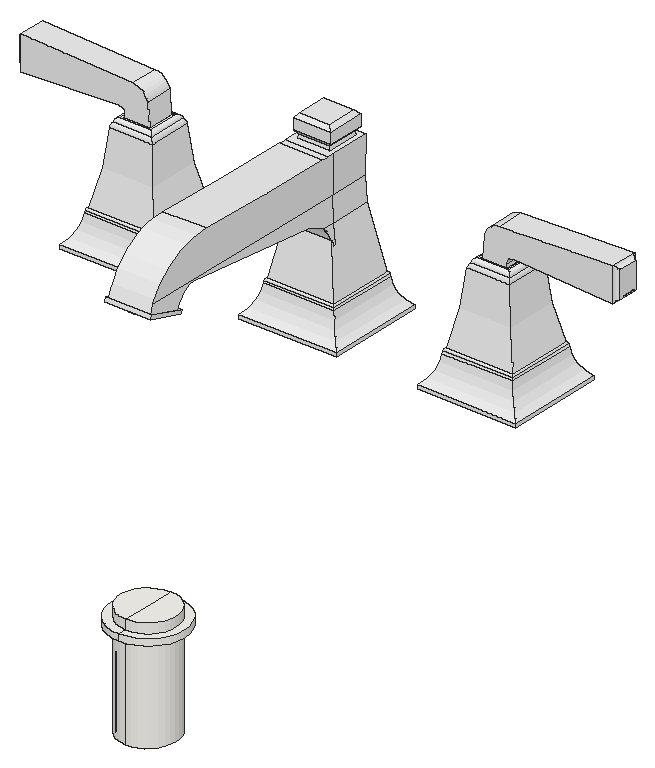
Revit family "Faucet-Two-Handle-American_Standard-Town_Square_S-7455801_Series.rfaxxxx", category Plumbing Fixtures, Revit 2019
Family settings
  Round Connector Dimension = Use Diameter
  Part Type = Normal
  OmniClass Number = 23.45.55.17
  OmniClass Title = Mixing Faucets
  Work Plane-Based = Yes
  Always vertical = No
  Cut with Voids When Loaded = No
  Shared = Yes
  Room Calculation Point = No
Parameters (values of type "7455.801.002")
  Width = 13 7/16"
  Waste Connection = no
  Warranty Information = "Limited Lifetime Function and Finish Warranty"
  WFU = 2
  Vent Connection = no
  URL = "https://www.americanstandard-us.com/"
  Revised Date = "07/25/2022"
  Product Page URL = "https://www.americanstandard-us.com/Widespread-Bathroom-Faucets/Town-Square-S-8-Inch-Widespread-2-Handle-Bathroom-Faucet-12-gpm-45-L-min-With-Lever-Handles/CHROME-7455801002"
  Product Documentation Link = "https://americanstandard.box.com/shared/static/7empnjd5u58uvojlbkksnns87mnb5epj.pdf"
  Price = "Prices may vary. Please consult Manufacturer Representative for most up-to-date price list."  # constant formula
  Pop-up Drain Width from Faucet Centre = 5"
  Pop-up Drain Depth = 4"
  Model = "7455.801.002"
  Material = "Cast Brass-American Standard-002-Polished Chrome"
  Manufacturer = "American Standard"
  Length = 5 3/16"
  Installation Type = "Deck Mounted"
  Hot Water Connection Diameter = 3/8"
  Height = 4 1/16"
  HWFU = 1.5
  HW Connection = yes
  Flow Rate = "1.2 gpm/ 4.5 L/min."
  Finish = Cast Brass-American Standard-002-Polished Chrome
  Description = "Town Square® S 8-Inch Widespread 2-Handle Bathroom Faucet 1.2 gpm/4.5 L/min With Lever Handles"
  Default Elevation = 0"
  Creation Date = "5/29/2018"
  Compliance Certifications = "ANSI A117.1, ASME A112.18.1, CSA B125.1, NSF 61/Section 9, NSF 372, CALGreen, CEC Certified and EPA WaterSense"
  Cold Water Connection Diameter = 3/8"
  CalGreen Compliant = yes
  CWFU = 1.5
  CW Connection = yes
  CEC Compliant = yes
  Assembly Code = "D2020300"
  ADA Compliant = yes
Reference planes (in)
  plane 1 "Center (Front/Back)": y = 0.0000966
  plane 2: z = 0
  plane 3 "Center (Left/Right)": x = 0
  plane 4: y = -5.1874034
  plane 5: z = 4.0625
  plane 6: z = 2.3125
  plane 7: x = -1.09375
  plane 8: y = 1.0938466
  plane 9: y = -1.0936534
  plane 10: y = 0.8125966
  plane 11: y = -0.8124034
  plane 12: x = -3.1875
  plane 13: x = -4.8125
  plane 14: x = 4
  plane 15: y = 0.8125966
  plane 16: y = -0.8124034
  plane 17: x = 4.8125
  plane 18: x = 3.1875
  plane 19: x = 4.1114136
  plane 20: x = -6.711997
  plane 21: x = -4
  plane 22: x = 6.725503
  plane 23: x = 1.09375
  plane 24: z = -4
  plane 25: y = -4.9999034
Forms (in)
  Extrusion 1, void
    sketch origin (-2, 0.25, 0) x (1, 0, 0) y (0, 1, 0)
      loop
        circle (-2, -0.2499034) r 0.1875
      loop
        circle (6, -0.2499034) r 0.1875
    from 0.4643642 to 0
  Extrusion 2, solid, material "Cast Brass-American Standard-002-Polished Chrome" <- "Finish"
    sketch origin (40.7653507, 0.0003181, -4.8055959) x (-1, 0, 0) y (0, 0, -1)
      loop
        line (37.0372671, -7.3613222) -> (36.4934343, -7.3613222) -> (36.4980591, -7.4495691)
        arc (36.4980591, -7.4495691) -> (36.460867, -7.5464577) -> (36.3639784, -7.5836498) r 0.1275786
        line (36.3639784, -7.5836498) -> (34.0397138, -7.462548) -> (34.0397138, -8.2408113) -> (36.6681979, -8.1330657)
        arc (36.6681979, -8.1330657) -> (36.8807494, -8.0487788) -> (36.9944771, -7.8504144) r 0.3464019
        line (36.9944771, -7.8504144) -> (37.0372671, -7.3613222)
    from -0.3027419 to 0.3036207
  Extrusion 3, solid, material "Cast Brass-American Standard-002-Polished Chrome" <- "Finish"
    sketch origin (0, -0.0345709, -0.3922789) x (0, 1, 0) y (0, 0, 1)
      loop
        line (-5.491938, 2.9437005) -> (-4.7617384, 2.7252132)
        arc (-4.7617384, 2.7252132) -> (-4.5805, 2.9918991) -> (-4.2845564, 3.1199072) r 0.5777039
        line (-4.2845564, 3.1199072) -> (-1.0938648, 2.7602094)
        arc (-1.0938648, 2.7602094) -> (-0.6851482, 2.5759577) -> (-0.4609277, 2.1877269) r 0.7307987
        line (-0.4609277, 2.1877269) -> (-0.4609277, 2.1516181) -> (-0.3996167, 2.1516181) -> (-0.3996167, 3.956529) -> (-0.5279284, 3.956529)
        arc (-0.5279284, 3.956529) -> (-0.6016216, 3.9566602) -> (-0.6753138, 3.9570536) r 20.7043916
        arc (-0.6753138, 3.9570536) -> (-2.3089174, 3.9801123) -> (-3.9420384, 4.0260242) r 116.7710458
        arc (-3.9420384, 4.0260242) -> (-4.8977354, 3.7436942) -> (-5.491938, 2.9437005) r 1.572825
    from -0.5454198 to 0.5454198
  Extrusion 4, solid, material "Cast Brass-American Standard-002-Polished Chrome" <- "Finish"
    sketch origin (0, 0.0234375, -0.2109375) x (0, 1, 0) y (0, 0, 1)
      loop
        line (-5.5669444, 2.8027769) -> (-5.592097, 2.7185567) -> (-4.750957, 2.4673483) -> (-4.7258044, 2.5515685) -> (-5.5669444, 2.8027769)
    from -0.5145094 to 0.5216631
  Revolve 5, solid, material "Cast Brass-American Standard-002-Polished Chrome" <- "Finish"
    sketch origin (0, 0.0234375, -0.2109375) x (0, 1, 0) y (0, 0, 1)
      loop
        line (-5.5276072, 2.7463519) -> (-5.5315006, 2.7118213)
        arc (-5.5315006, 2.7118213) -> (-5.5254845, 2.6779513) -> (-5.5019873, 2.6528264) r 0.0605416
        arc (-5.5019873, 2.6528264) -> (-5.354082, 2.5799241) -> (-5.1971605, 2.5292649) r 1.1329
        line (-5.1971605, 2.5292649) -> (-5.1646961, 2.6379677) -> (-5.5276072, 2.7463519)
      axis (-5.1646961, 2.6379677) -> (-5.1971605, 2.5292649)
    angle from 0 to 360
  Sweep 6, solid, material "Cast Brass-American Standard-002-Polished Chrome" <- "Finish"
    path origin (-0.7896856, 0.0003181, 0.5781766) x (1, 0, 0) y (0, 1, 0)
      loop
        line (1.6021856, 0.8122785) -> (-0.0228144, 0.8122785) -> (-0.0228144, -0.8127215) -> (1.6021856, -0.8127215) -> (1.6021856, 0.8122785)
    profile origin (0.8125, 0.0000966, 0.5781766) x (1, 0, 0) y (0, 0, 1)
      loop
        line (-0.5391591, -0.5781766) -> (0.2808658, -0.5781766) -> (0.2808658, -0.4988915)
        arc (0.2808658, -0.4988915) -> (0.0705996, -0.2250381) -> (-0.0222386, 0.1075106) r 0.9080404
        arc (-0.0222386, 0.1075106) -> (-0.0307271, 0.1311506) -> (-0.0334066, 0.1561251) r 0.1058502
        arc (-0.0334066, 0.1561251) -> (-0.0440779, 0.1907) -> (-0.0729142, 0.2125578) r 0.0590462
        arc (-0.0729142, 0.2125578) -> (-0.2308976, 0.9097245) -> (-0.3204089, 1.6189409) r 7.3499504
        arc (-0.3204089, 1.6189409) -> (-0.3365044, 1.8960693) -> (-0.3421235, 2.1736078) r 7.3499504
        arc (-0.3421235, 2.1736078) -> (-0.3398062, 2.5798772) -> (-0.3317511, 2.9860734) r 28.764874
        line (-0.3317511, 2.9860734) -> (-0.4509412, 2.9860734) -> (-0.4635455, 3.0575559) -> (-0.3959604, 3.1409012) -> (-0.3959604, 3.3869581) -> (-0.4749144, 3.4843234) -> (-0.5391591, 3.4843234) -> (-0.5391591, -0.5781766)
  Sweep 7, solid, material "Cast Brass-American Standard-002-Polished Chrome" <- "Finish"
    path origin (-17.0100322, -34.5452132, 0.5781766) x (-1, 0, 0) y (0, -1, 0)
      loop
        line (-13.8225322, -33.7328097) -> (-13.8225322, -35.3578097) -> (-12.1975322, -35.3578097) -> (-12.1975322, -33.7328097) -> (-13.8225322, -33.7328097)
    profile origin (-4, -0.8124034, 0.5781766) x (0, -1, 0) y (0, 0, 1)
      loop
        line (-0.5065348, -0.5781766) -> (0.28125, -0.5781766) -> (0.28125, -0.4988915)
        arc (0.28125, -0.4988915) -> (0.0709839, -0.2250381) -> (-0.0218543, 0.1075106) r 0.9080404
        arc (-0.0218543, 0.1075106) -> (-0.0309614, 0.1318833) -> (-0.0338479, 0.1577413) r 0.1058502
        arc (-0.0338479, 0.1577413) -> (-0.044522, 0.1923202) -> (-0.0733647, 0.2141772) r 0.0590462
        arc (-0.0733647, 0.2141772) -> (-0.2456494, 0.996599) -> (-0.3317511, 1.7931241) r 7.3499504
        arc (-0.3317511, 1.7931241) -> (-0.3462225, 1.851205) -> (-0.3813054, 1.8997023) r 0.1576201
        arc (-0.3813054, 1.8997023) -> (-0.40503, 1.9569785) -> (-0.4623061, 1.980703) r 0.0810007
        line (-0.4623061, 1.980703) -> (-0.5065348, 1.980703) -> (-0.5065348, -0.5781766)
  Sweep 8, solid, material "Cast Brass-American Standard-002-Polished Chrome" <- "Finish"
    path origin (44.9899678, -34.5452132, 0.5781766) x (-1, 0, 0) y (0, -1, 0)
      loop
        line (40.1774678, -33.7328097) -> (40.1774678, -35.3578097) -> (41.8024678, -35.3578097) -> (41.8024678, -33.7328097) -> (40.1774678, -33.7328097)
    profile origin (4, -0.8124034, 0.5781766) x (0, -1, 0) y (0, 0, 1)
      loop
        line (-0.5065348, -0.5781766) -> (0.28125, -0.5781766) -> (0.28125, -0.4988915)
        arc (0.28125, -0.4988915) -> (0.0709839, -0.2250381) -> (-0.0218543, 0.1075106) r 0.9080404
        arc (-0.0218543, 0.1075106) -> (-0.0309614, 0.1318833) -> (-0.0338479, 0.1577413) r 0.1058502
        arc (-0.0338479, 0.1577413) -> (-0.044522, 0.1923202) -> (-0.0733647, 0.2141772) r 0.0590462
        arc (-0.0733647, 0.2141772) -> (-0.2456494, 0.996599) -> (-0.3317511, 1.7931241) r 7.3499504
        arc (-0.3317511, 1.7931241) -> (-0.3462225, 1.851205) -> (-0.3813054, 1.8997023) r 0.1576201
        arc (-0.3813054, 1.8997023) -> (-0.40503, 1.9569785) -> (-0.4623061, 1.980703) r 0.0810007
        line (-0.4623061, 1.980703) -> (-0.5065348, 1.980703) -> (-0.5065348, -0.5781766)
  Extrusion 9, solid, material "Cast Brass-American Standard-002-Polished Chrome" <- "Finish"
    sketch origin (0, 0.0000966, 0) x (1, 0, 0) y (0, 0, 1)
      loop
        line (-3.7279497, 2.5557263) -> (-3.7707397, 3.0448185)
        arc (-3.7707397, 3.0448185) -> (-3.8844674, 3.2431829) -> (-4.0970189, 3.3274697) r 0.3464019
        line (-4.0970189, 3.3274697) -> (-6.711997, 3.4352154) -> (-6.711997, 2.6569521) -> (-4.4012384, 2.7780538)
        arc (-4.4012384, 2.7780538) -> (-4.3043498, 2.7408618) -> (-4.2671577, 2.6439731) r 0.1275786
        line (-4.2671577, 2.6439731) -> (-4.2717825, 2.5557263) -> (-3.7279497, 2.5557263)
    from -0.3059652 to 0.3059652
  Sweep 10, void
    path origin (6.7256369, 0.0003181, 3.4352154) x (0, 0, -1) y (0, 1, 0)
      loop
        line (0, 0.3027419) -> (0, -0.3036207) -> (0.7782633, -0.3036207) -> (0.7782633, 0.3027419) -> (0, 0.3027419)
    profile origin (6.7256369, -0.0001213, 3.4352154) x (0, 0, -1) y (1, 0, 0)
      loop
        line (-0.0156276, 0.0175781) -> (-0.0156276, -0.0927869)
        arc (-0.0156276, -0.0927869) -> (0.0649488, -0.0641347) -> (0.0901779, 0.0175781) r 0.0953855
        line (0.0901779, 0.0175781) -> (-0.0156276, 0.0175781)
  Sweep 11, void
    path origin (-6.711997, 0.0000966, 3.4352154) x (0, 0, -1) y (0, -1, 0)
      loop
        line (0, -0.3029634) -> (0.7782633, -0.3029634) -> (0.7782633, 0.3033992) -> (0, 0.3033992) -> (0, -0.3029634)
    profile origin (-6.711997, -0.0001213, 3.4352154) x (0, 0, 1) y (-1, 0, 0)
      loop
        line (0.0453387, 0.0502496) -> (-0.1187238, 0.0502496) -> (-0.1187238, -0.0072514)
        arc (-0.1187238, -0.0072514) -> (-0.0878777, -0.0817204) -> (-0.0134086, -0.1125665) r 0.1053152
        line (-0.0134086, -0.1125665) -> (0.0453387, -0.1125665) -> (0.0453387, 0.0502496)
  Extrusion 12, void
    sketch origin (0, 0.0000966, 0) x (1, 0, 0) y (0, 0, 1)
      loop
        arc (0.4920911, 2.1971176) -> (0.5816024, 1.4879012) -> (0.7395858, 0.7907345) r 7.3499504
        line (0.7395858, 0.7907345) -> (1.09375, 0.7907345) -> (1.09375, 4.2907345) -> (-1.09375, 4.2907345) -> (-1.09375, 0.7907345) -> (-0.7395858, 0.7907345)
        arc (-0.7395858, 0.7907345) -> (-0.5816024, 1.4879012) -> (-0.4920911, 2.1971176) r 7.3499504
        arc (-0.4920911, 2.1971176) -> (-0.4759956, 2.4742459) -> (-0.4703765, 2.7517844) r 7.3499504
        arc (-0.4703765, 2.7517844) -> (-0.4734199, 3.2110996) -> (-0.4837972, 3.6703077) r 28.764874
        line (-0.4837972, 3.6703077) -> (-0.4837972, 4.1114188) -> (0.4838067, 4.1114188) -> (0.4838067, 3.6706186)
        arc (0.4838067, 3.6706186) -> (0.4734222, 3.2112551) -> (0.4703765, 2.7517844) r 28.764874
        arc (0.4703765, 2.7517844) -> (0.4759956, 2.4742459) -> (0.4920911, 2.1971176) r 7.3499504
    from -1.4747267 to 5.9138421
  Extrusion 13, solid, material "Cast Brass-American Standard-002-Polished Chrome" <- "Finish"
    sketch origin (0, 0, 0) x (1, 0, 0) y (0, 1, 0)
      loop
        line (-0.2733409, 0.2734375) -> (-0.2733409, -0.2732443) -> (0.2733409, -0.2732443) -> (0.2733409, 0.2734375) -> (-0.2733409, 0.2734375)
    from 0.4643642 to 4.0625
  Extrusion 14, solid, material "Cast Brass-American Standard-002-Polished Chrome" <- "Finish"
    sketch origin (-2.90625, -1.0936534, 0) x (0, 1, 0) y (1, 0, 0)
      loop
        line (1.3997152, -1.3997152) -> (1.3997152, -0.7877848) -> (0.7877848, -0.7877848) -> (0.7877848, -1.3997152) -> (1.3997152, -1.3997152)
      loop
        line (1.3670909, 2.6329091) -> (1.3670909, 3.1795909) -> (0.8204091, 3.1795909) -> (0.8204091, 2.6329091) -> (1.3670909, 2.6329091)
      loop
        line (1.3997152, 6.6002848) -> (1.3997152, 7.2122152) -> (0.7877848, 7.2122152) -> (0.7877848, 6.6002848) -> (1.3997152, 6.6002848)
    from 0 to -2.2759282
  Revolve 15, solid, material "Brass-American Standard-Grey"
    sketch origin (0, 0, 0) x (0, 1, 0) y (0, 0, 1)
      loop
        line (-4.9999034, -4) -> (-4.4374034, -4) -> (-4.4374034, -6.1523438) -> (-4.3749034, -6.1523438) -> (-4.3749034, -4) -> (-4.1874034, -4) -> (-4.1874034, -3.8515625) -> (-4.3749034, -3.8515625) -> (-4.3749034, -3.6434957) -> (-4.9999034, -3.6434957) -> (-4.9999034, -4)
      axis (-4.9999034, -3.6434957) -> (-4.9999034, -6.1523438)
    angle from 0 to 360
Cuts and joins
  Sweep 10, Extrusion 12 cuts Extrusion 2
  Extrusion 12 cuts Revolve 5
  joined: Extrusion 2, Extrusion 4, Revolve 5
  Extrusion 1, Extrusion 12 cuts Extrusion 3
  Extrusion 1, Extrusion 12 cuts Sweep 6
  Extrusion 1 cuts Sweep 7
  Extrusion 1, Sweep 11 cuts Extrusion 9
  Extrusion 1 cuts Extrusion 13
  Extrusion 1 cuts Extrusion 14
  joined: Extrusion 3, Sweep 6, Sweep 7, Sweep 8, Extrusion 9, Extrusion 13, Extrusion 14
Lines and regions (in)
  Masking region 1
    outline origin (0, 0.375, 0.8906766) x (-1, 0, 0) y (0, -1, 0)
      loop
        line (5.09375, 1.4686534) -> (2.90625, 1.4686534) -> (2.90625, -0.7188466) -> (5.09375, -0.7188466) -> (5.09375, 0.0689382) -> (6.6007169, 0.0689382)
        arc (6.6007169, 0.0689382) -> (6.627089, 0.1564874) -> (6.711997, 0.1904138) r 0.1053152
        line (6.711997, 0.1904138) -> (6.711997, 0.5598288)
        arc (6.711997, 0.5598288) -> (6.6272382, 0.5935927) -> (6.6006491, 0.6808687) r 0.1053152
        line (6.6006491, 0.6808687) -> (5.09375, 0.6808687) -> (5.09375, 1.4686534)
  Masking region 2
    outline origin (0, 0.375, 0.8906766) x (-1, 0, 0) y (0, -1, 0)
      loop
        line (-2.90625, -0.7188466) -> (-2.90625, 1.4686534) -> (-5.09375, 1.4686534) -> (-5.09375, 0.6783026) -> (-6.6322071, 0.6783026)
        arc (-6.6322071, 0.6783026) -> (-6.6607869, 0.6140468) -> (-6.7256369, 0.5868419) r 0.0953855
        line (-6.7256369, 0.5868419) -> (-6.7256369, 0.1634008)
        arc (-6.7256369, 0.1634008) -> (-6.6607869, 0.1361959) -> (-6.6322071, 0.07194) r 0.0953855
        line (-6.6322071, 0.07194) -> (-5.09375, 0.07194) -> (-5.09375, -0.7188466) -> (-2.90625, -0.7188466)
  Masking region 3
    outline origin (0, 0.375, 0.8906766) x (-1, 0, 0) y (0, -1, 0)
      loop
        circle (0, 5.3749034) r 0.8125
  Masking region 4
    outline origin (0, 0.375, 0.8906766) x (-1, 0, 0) y (0, -1, 0)
      loop
        line (0.4808635, 1.4686534) -> (0.4808635, 5.1008044) -> (0.5145094, 5.1008044) -> (0.5145094, 5.967097) -> (-0.5216631, 5.967097) -> (-0.5216631, 5.1008044) -> (-0.4808635, 5.1008044) -> (-0.4808635, 1.4686534) -> (-1.09375, 1.4686534) -> (-1.09375, -0.7188466) -> (1.09375, -0.7188466) -> (1.09375, 1.4686534) -> (0.4808635, 1.4686534)
  symbolic lines, detail levels medium+fine
    curve 1: line (-0.3375856, -0.337489, 0.8906766) -> (0.3375856, -0.337489, 0.8906766)
    curve 2: line (0.3375856, -0.337489, 0.8906766) -> (0.3375856, 0.3376822, 0.8906766)
    curve 3: line (0.3375856, 0.3376822, 0.8906766) -> (-0.3375856, 0.3376822, 0.8906766)
    curve 4: line (-0.3375856, 0.3376822, 0.8906766) -> (-0.3375856, -0.337489, 0.8906766)
    curve 5: line (-0.8125, 0.8125966, 0.8906766) -> (-0.8125, -0.8124034, 0.8906766)
    curve 6: line (-0.8125, -0.8124034, 0.8906766) -> (-0.4807837, -0.8124034, 0.8906766)
    curve 7: line (0.8125, -0.8124034, 0.8906766) -> (0.8125, 0.8125966, 0.8906766)
    curve 8: line (0.8125, 0.8125966, 0.8906766) -> (-0.8125, 0.8125966, 0.8906766)
    curve 9: spline (-0.4807331, 0.4808454, 0.8906766) -> (-0.4807176, 0.3365826, 0.8906766) -> (-0.4807075, 0.1923193, 0.8906766) -> (-0.4807026, 0.048056, 0.8906766) -> (-0.4807031, -0.0962072, 0.8906766) -> (-0.4807088, -0.2404701, 0.8906766) -> (-0.4807198, -0.3847324, 0.8906766) -> (-0.4807362, -0.528994, 0.8906766) -> (-0.4807578, -0.6732545, 0.8906766) -> (-0.4807847, -0.8175139, 0.8906766) -> (-0.480817, -0.9617718, 0.8906766) -> (-0.4808545, -1.1060281, 0.8906766) -> (-0.4808973, -1.2502825, 0.8906766)
    curve 10: line (0.4807332, 0.4808454, 0.8906766) -> (-0.4807331, 0.4808454, 0.8906766)
    curve 11: line (0.4807837, -0.8124034, 0.8906766) -> (0.8125, -0.8124034, 0.8906766)
    curve 12: spline (0.4808973, -1.2502857, 0.8906766) -> (0.4808545, -1.1060311, 0.8906766) -> (0.4808169, -0.9617745, 0.8906766) -> (0.4807847, -0.8175163, 0.8906766) -> (0.4807578, -0.6732567, 0.8906766) -> (0.4807362, -0.5289959, 0.8906766) -> (0.4807199, -0.384734, 0.8906766) -> (0.4807088, -0.2404714, 0.8906766) -> (0.4807031, -0.0962083, 0.8906766) -> (0.4807027, 0.0480552, 0.8906766) -> (0.4807076, 0.1923188, 0.8906766) -> (0.4807178, 0.3365823, 0.8906766) -> (0.4807332, 0.4808454, 0.8906766)
    curve 13: line (-0.4808635, -4.7258044, 0.8906766) -> (-0.4808635, -5.5669444, 0.8906766)
    curve 14: line (-0.4808635, -5.5669444, 0.8906766) -> (0.4808635, -5.5669444, 0.8906766)
    curve 15: line (0.4808635, -4.7258044, 0.8906766) -> (0.4808635, -5.5669444, 0.8906766)
    curve 16: line (-0.8125, -0.8124034, 0.8906766) -> (-0.5234467, -0.5233501, 0.8906766)
    curve 17: line (-0.8125, 0.8125966, 0.8906766) -> (-0.4790762, 0.4791728, 0.8906766)
    curve 18: line (0.4807332, 0.4808454, 0.8906766) -> (0.8119457, 0.8120579, 0.8906766)
    curve 19: line (0.8125, -0.8124034, 0.8906766) -> (0.5234466, -0.52335, 0.8906766)
    curve 28: spline (-0.4920946, -0.6995508, 0.8906766) -> (-0.4938583, -0.6787335, 0.8906766) -> (-0.495791, -0.6589206, 0.8906766) -> (-0.497889, -0.64015, 0.8906766) -> (-0.5001482, -0.6224577, 0.8906766) -> (-0.5025644, -0.6058778, 0.8906766) -> (-0.5051329, -0.5904419, 0.8906766) -> (-0.5078487, -0.5761797, 0.8906766) -> (-0.5107067, -0.5631186, 0.8906766) -> (-0.5137013, -0.5512836, 0.8906766) -> (-0.5168269, -0.5406974, 0.8906766) -> (-0.5200774, -0.5313802, 0.8906766) -> (-0.5234467, -0.5233501, 0.8906766)
    curve 29: spline (-0.4789313, -1.1365695, 0.8906766) -> (-0.4791584, -1.0956137, 0.8906766) -> (-0.4795524, -1.0550307, 0.8906766) -> (-0.480112, -1.0149618, 0.8906766) -> (-0.4808353, -0.9755467, 0.8906766) -> (-0.4817196, -0.9369228, 0.8906766) -> (-0.482762, -0.8992247, 0.8906766) -> (-0.4839588, -0.8625836, 0.8906766) -> (-0.4853058, -0.8271274, 0.8906766) -> (-0.4867983, -0.7929795, 0.8906766) -> (-0.4884311, -0.760259, 0.8906766) -> (-0.4901986, -0.7290799, 0.8906766) -> (-0.4920946, -0.6995508, 0.8906766)
    curve 30: spline (0.5234466, -0.52335, 0.8906766) -> (0.5199398, -0.5313931, 0.8906766) -> (0.5165762, -0.540723, 0.8906766) -> (0.5133623, -0.5513215, 0.8906766) -> (0.5103042, -0.5631684, 0.8906766) -> (0.5074077, -0.576241, 0.8906766) -> (0.5046786, -0.5905141, 0.8906766) -> (0.5021219, -0.6059604, 0.8906766) -> (0.4997425, -0.6225502, 0.8906766) -> (0.4975452, -0.6402515, 0.8906766) -> (0.495534, -0.6590306, 0.8906766) -> (0.4937129, -0.6788513, 0.8906766) -> (0.4920853, -0.6996755, 0.8906766)
    curve 31: spline (0.4920853, -0.6996755, 0.8906766) -> (0.4899588, -0.7292027, 0.8906766) -> (0.4880017, -0.7603781, 0.8906766) -> (0.4862209, -0.793093, 0.8906766) -> (0.4846226, -0.8272335, 0.8906766) -> (0.4832123, -0.8626807, 0.8906766) -> (0.4819949, -0.8993113, 0.8906766) -> (0.4809748, -0.9369976, 0.8906766) -> (0.4801553, -0.9756084, 0.8906766) -> (0.4795395, -1.0150093, 0.8906766) -> (0.4791294, -1.0550631, 0.8906766) -> (0.4789264, -1.0956303, 0.8906766) -> (0.4789314, -1.1365696, 0.8906766)
    curve 49: line (3.7280836, 0.30306, 0.8906766) -> (5.09375, 0.30306, 0.8906766)
    curve 50: line (5.09375, -0.3033026, 0.8906766) -> (3.7280836, -0.3033026, 0.8906766)
    curve 51: line (3.7280836, -0.3033026, 0.8906766) -> (3.7280836, 0.30306, 0.8906766)
    curve 52: line (-5.09375, 0.3060618, 0.8906766) -> (-3.7279497, 0.3060618, 0.8906766)
    curve 53: line (-3.7279497, -0.3058687, 0.8906766) -> (-5.09375, -0.3058687, 0.8906766)
    curve 54: line (-3.7279497, 0.3060618, 0.8906766) -> (-3.7279497, -0.3058687, 0.8906766)
    curve 55: line (-3.5688054, 0.4312911, 0.8906766) -> (-4.4311946, 0.4312911, 0.8906766)
    curve 56: line (-3.5688054, -0.431098, 0.8906766) -> (-3.5688054, 0.4312911, 0.8906766)
    curve 57: line (-4.4311946, -0.431098, 0.8906766) -> (-3.5688054, -0.431098, 0.8906766)
    curve 58: line (-4.4311946, 0.4312911, 0.8906766) -> (-4.4311946, 0.3060618, 0.8906766)
    curve 59: line (-4.4311946, -0.3058687, 0.8906766) -> (-4.4311946, -0.431098, 0.8906766)
    curve 60: spline (-5.0940726, -1.0939865, 0.8906766) -> (-5.055443, -1.0550446, 0.8906766) -> (-5.0186394, -1.0179827, 0.8906766) -> (-4.9838681, -0.9830086, 0.8906766) -> (-4.9513239, -0.9503183, 0.8906766) -> (-4.9211894, -0.920095, 0.8906766) -> (-4.8936333, -0.8925081, 0.8906766) -> (-4.8688102, -0.8677122, 0.8906766) -> (-4.8468591, -0.8458463, 0.8906766) -> (-4.8279031, -0.8270329, 0.8906766) -> (-4.8120485, -0.8113776, 0.8906766) -> (-4.799384, -0.798968, 0.8906766) -> (-4.7899807, -0.7898737, 0.8906766)
    curve 61: spline (-4.7906457, -0.7905491, 0.8906766) -> (-4.7890727, -0.7889642, 0.8906766) -> (-4.7875999, -0.7874814, 0.8906766) -> (-4.7862305, -0.7861037, 0.8906766) -> (-4.7849675, -0.7848341, 0.8906766) -> (-4.7838134, -0.7836752, 0.8906766) -> (-4.7827707, -0.7826296, 0.8906766) -> (-4.7818417, -0.7816994, 0.8906766) -> (-4.7810284, -0.7808867, 0.8906766) -> (-4.7803324, -0.7801932, 0.8906766) -> (-4.7797553, -0.7796203, 0.8906766) -> (-4.7792982, -0.7791693, 0.8906766) -> (-4.7789622, -0.7788411, 0.8906766)
    curve 62: spline (-4.7789622, -0.7788411, 0.8906766) -> (-4.77804, -0.7778241, 0.8906766) -> (-4.7765909, -0.7762964, 0.8906766) -> (-4.774632, -0.7742758, 0.8906766) -> (-4.7721862, -0.7717861, 0.8906766) -> (-4.7692823, -0.7688566, 0.8906766) -> (-4.7659544, -0.7655216, 0.8906766) -> (-4.7622416, -0.7618204, 0.8906766) -> (-4.7581874, -0.7577963, 0.8906766) -> (-4.7538395, -0.7534967, 0.8906766) -> (-4.7492489, -0.748972, 0.8906766) -> (-4.7444696, -0.7442754, 0.8906766) -> (-4.7395577, -0.739462, 0.8906766)
    curve 63: spline (-4.7395577, -0.739462, 0.8906766) -> (-4.7053559, -0.7051947, 0.8906766) -> (-4.6733974, -0.6731825, 0.8906766) -> (-4.6437022, -0.6434454, 0.8906766) -> (-4.6162888, -0.6160021, 0.8906766) -> (-4.5911745, -0.5908697, 0.8906766) -> (-4.5683749, -0.568064, 0.8906766) -> (-4.5479043, -0.5475992, 0.8906766) -> (-4.5297755, -0.5294881, 0.8906766) -> (-4.5139999, -0.5137421, 0.8906766) -> (-4.5005873, -0.500371, 0.8906766) -> (-4.4895462, -0.4893832, 0.8906766) -> (-4.4808834, -0.4807855, 0.8906766)
    curve 64: spline (-3.2100298, -0.7898842, 0.8906766) -> (-3.2009355, -0.7992875, 0.8906766) -> (-3.1885258, -0.8119519, 0.8906766) -> (-3.1728705, -0.8278066, 0.8906766) -> (-3.1540572, -0.8467626, 0.8906766) -> (-3.1321913, -0.8687136, 0.8906766) -> (-3.1073954, -0.8935368, 0.8906766) -> (-3.0798085, -0.9210928, 0.8906766) -> (-3.0495851, -0.9512274, 0.8906766) -> (-3.0168948, -0.9837715, 0.8906766) -> (-2.9819207, -1.0185428, 0.8906766) -> (-2.9448588, -1.0553464, 0.8906766) -> (-2.9059169, -1.093976, 0.8906766)
    curve 65: spline (-3.5196702, -0.4795853, 0.8906766) -> (-3.5278291, -0.471627, 0.8906766) -> (-3.5305317, -0.469099, 0.8906766) -> (-3.527774, -0.4720048, 0.8906766) -> (-3.5195601, -0.4803403, 0.8906766) -> (-3.5059016, -0.4940936, 0.8906766) -> (-3.4868179, -0.5132452, 0.8906766) -> (-3.4623361, -0.5377678, 0.8906766) -> (-3.4324912, -0.5676265, 0.8906766) -> (-3.3973255, -0.602779, 0.8906766) -> (-3.3568891, -0.6431751, 0.8906766) -> (-3.3112394, -0.6887574, 0.8906766) -> (-3.2604415, -0.7394611, 0.8906766)
    curve 66: spline (-3.5676154, -0.4323074, 0.8906766) -> (-3.5591626, -0.4409032, 0.8906766) -> (-3.551315, -0.4488586, 0.8906766) -> (-3.544152, -0.456093, 0.8906766) -> (-3.5377461, -0.4625331, 0.8906766) -> (-3.5321624, -0.4681138, 0.8906766) -> (-3.5274572, -0.4727784, 0.8906766) -> (-3.5236783, -0.4764798, 0.8906766) -> (-3.5208639, -0.4791804, 0.8906766) -> (-3.5190426, -0.4808528, 0.8906766) -> (-3.5182328, -0.4814803, 0.8906766) -> (-3.5184427, -0.4810563, 0.8906766) -> (-3.5196702, -0.4795853, 0.8906766)
    curve 67: spline (-4.4808834, -0.4807855, 0.8906766) -> (-4.4796919, -0.4794813, 0.8906766) -> (-4.4779267, -0.4776227, 0.8906766) -> (-4.4755978, -0.4752201, 0.8906766) -> (-4.4727182, -0.4722872, 0.8906766) -> (-4.4693041, -0.4688405, 0.8906766) -> (-4.4653748, -0.4648992, 0.8906766) -> (-4.4609524, -0.4604857, 0.8906766) -> (-4.4560618, -0.4556247, 0.8906766) -> (-4.4507305, -0.4503436, 0.8906766) -> (-4.4449885, -0.4446722, 0.8906766) -> (-4.4388682, -0.4386423, 0.8906766) -> (-4.432404, -0.432288, 0.8906766)
    curve 68: spline (-3.2100193, 0.7900668, 0.8906766) -> (-3.200616, 0.7991611, 0.8906766) -> (-3.1879515, 0.8115707, 0.8906766) -> (-3.1720969, 0.8272261, 0.8906766) -> (-3.1531409, 0.8460394, 0.8906766) -> (-3.1311898, 0.8679053, 0.8906766) -> (-3.1063667, 0.8927012, 0.8906766) -> (-3.0788106, 0.9202881, 0.8906766) -> (-3.0486761, 0.9505114, 0.8906766) -> (-3.0161319, 0.9832018, 0.8906766) -> (-2.9813606, 1.0181759, 0.8906766) -> (-2.944557, 1.0552377, 0.8906766) -> (-2.9059274, 1.0941796, 0.8906766)
    curve 69: spline (-3.2604423, 0.7396552, 0.8906766) -> (-3.2552544, 0.7447394, 0.8906766) -> (-3.2502182, 0.7496897, 0.8906766) -> (-3.2453999, 0.7544411, 0.8906766) -> (-3.2408625, 0.7589312, 0.8906766) -> (-3.2366656, 0.7631012, 0.8906766) -> (-3.2328644, 0.7668964, 0.8906766) -> (-3.2295085, 0.770267, 0.8906766) -> (-3.2266421, 0.7731688, 0.8906766) -> (-3.2243027, 0.7755637, 0.8906766) -> (-3.222521, 0.7774204, 0.8906766) -> (-3.2213204, 0.7787144, 0.8906766) -> (-3.2207166, 0.7794289, 0.8906766)
    curve 70: spline (-3.2207166, 0.7794289, 0.8906766) -> (-3.2211587, 0.7789624, 0.8906766) -> (-3.2213423, 0.7787578, 0.8906766) -> (-3.2212666, 0.7788161, 0.8906766) -> (-3.220932, 0.7791371, 0.8906766) -> (-3.22034, 0.7797192, 0.8906766) -> (-3.2194932, 0.7805599, 0.8906766) -> (-3.2183955, 0.7816553, 0.8906766) -> (-3.2170518, 0.7830006, 0.8906766) -> (-3.2154682, 0.7845896, 0.8906766) -> (-3.2136518, 0.7864152, 0.8906766) -> (-3.2116108, 0.7884692, 0.8906766) -> (-3.2093543, 0.7907422, 0.8906766)
    curve 71: spline (-3.5203182, 0.4804263, 0.8906766) -> (-3.5282764, 0.4722674, 0.8906766) -> (-3.5308044, 0.4695649, 0.8906766) -> (-3.5278986, 0.4723225, 0.8906766) -> (-3.5195631, 0.4805365, 0.8906766) -> (-3.5058098, 0.494195, 0.8906766) -> (-3.4866582, 0.5132787, 0.8906766) -> (-3.4621356, 0.5377605, 0.8906766) -> (-3.4322769, 0.5676054, 0.8906766) -> (-3.3971244, 0.6027711, 0.8906766) -> (-3.3567283, 0.6432076, 0.8906766) -> (-3.311146, 0.6888572, 0.8906766) -> (-3.2604423, 0.7396552, 0.8906766)
    curve 72: spline (-3.567596, 0.4324811, 0.8906766) -> (-3.5590002, 0.4409339, 0.8906766) -> (-3.5510448, 0.4487816, 0.8906766) -> (-3.5438104, 0.4559446, 0.8906766) -> (-3.5373703, 0.4623504, 0.8906766) -> (-3.5317896, 0.4679342, 0.8906766) -> (-3.527125, 0.4726394, 0.8906766) -> (-3.5234237, 0.4764183, 0.8906766) -> (-3.5207231, 0.4792326, 0.8906766) -> (-3.5190506, 0.4810539, 0.8906766) -> (-3.5184231, 0.4818637, 0.8906766) -> (-3.5188471, 0.4816538, 0.8906766) -> (-3.5203182, 0.4804263, 0.8906766)
    curve 73: spline (-4.7899705, 0.7900773, 0.8906766) -> (-4.7990648, 0.7994806, 0.8906766) -> (-4.8114744, 0.8121451, 0.8906766) -> (-4.8271298, 0.8279997, 0.8906766) -> (-4.8459431, 0.8469557, 0.8906766) -> (-4.867809, 0.8689068, 0.8906766) -> (-4.8926049, 0.8937299, 0.8906766) -> (-4.9201918, 0.921286, 0.8906766) -> (-4.9504151, 0.9514205, 0.8906766) -> (-4.9831055, 0.9839646, 0.8906766) -> (-5.0180796, 1.0187359, 0.8906766) -> (-5.0551414, 1.0555395, 0.8906766) -> (-5.0940833, 1.0941692, 0.8906766)
    curve 74: spline (-4.4803221, 0.4797715, 0.8906766) -> (-4.4721632, 0.4718133, 0.8906766) -> (-4.4694607, 0.4692854, 0.8906766) -> (-4.4722184, 0.4721912, 0.8906766) -> (-4.4804325, 0.4805268, 0.8906766) -> (-4.4940911, 0.4942802, 0.8906766) -> (-4.5131749, 0.5134319, 0.8906766) -> (-4.5376568, 0.5379546, 0.8906766) -> (-4.5675019, 0.5678135, 0.8906766) -> (-4.6026677, 0.602966, 0.8906766) -> (-4.6431043, 0.6433623, 0.8906766) -> (-4.6887541, 0.6889448, 0.8906766) -> (-4.7395523, 0.7396487, 0.8906766)
    curve 75: spline (-4.7395523, 0.7396487, 0.8906766) -> (-4.7446371, 0.7448372, 0.8906766) -> (-4.749588, 0.7498739, 0.8906766) -> (-4.75434, 0.7546929, 0.8906766) -> (-4.7588308, 0.7592309, 0.8906766) -> (-4.7630014, 0.7634283, 0.8906766) -> (-4.7667972, 0.7672302, 0.8906766) -> (-4.7701684, 0.7705865, 0.8906766) -> (-4.7730706, 0.7734534, 0.8906766) -> (-4.775466, 0.7757931, 0.8906766) -> (-4.777323, 0.777575, 0.8906766) -> (-4.7786172, 0.7787757, 0.8906766) -> (-4.7793318, 0.7793795, 0.8906766)
    curve 76: spline (-4.7793318, 0.7793795, 0.8906766) -> (-4.7788653, 0.7789375, 0.8906766) -> (-4.7786608, 0.7787539, 0.8906766) -> (-4.7787191, 0.7788296, 0.8906766) -> (-4.7790401, 0.7791642, 0.8906766) -> (-4.7796223, 0.7797563, 0.8906766) -> (-4.780463, 0.7806031, 0.8906766) -> (-4.7815585, 0.7817008, 0.8906766) -> (-4.7829038, 0.7830446, 0.8906766) -> (-4.7844928, 0.7846282, 0.8906766) -> (-4.7863185, 0.7864447, 0.8906766) -> (-4.7883725, 0.7884858, 0.8906766) -> (-4.7906457, 0.7907422, 0.8906766)
    curve 77: spline (-4.4323423, 0.4324623, 0.8906766) -> (-4.4407995, 0.4410625, 0.8906766) -> (-4.4486515, 0.4490222, 0.8906766) -> (-4.4558188, 0.4562607, 0.8906766) -> (-4.4622287, 0.4627047, 0.8906766) -> (-4.4678163, 0.4682889, 0.8906766) -> (-4.4725248, 0.4729567, 0.8906766) -> (-4.4763067, 0.4766607, 0.8906766) -> (-4.4791236, 0.4793635, 0.8906766) -> (-4.4809469, 0.4810376, 0.8906766) -> (-4.4817582, 0.4816662, 0.8906766) -> (-4.4815492, 0.4812427, 0.8906766) -> (-4.4803221, 0.4797715, 0.8906766)
    curve 78: spline (3.2100298, 0.7900773, 0.8906766) -> (3.2009355, 0.7994806, 0.8906766) -> (3.1885258, 0.8121451, 0.8906766) -> (3.1728705, 0.8279997, 0.8906766) -> (3.1540572, 0.8469557, 0.8906766) -> (3.1321913, 0.8689068, 0.8906766) -> (3.1073954, 0.8937299, 0.8906766) -> (3.0798085, 0.921286, 0.8906766) -> (3.0495851, 0.9514205, 0.8906766) -> (3.0168948, 0.9839646, 0.8906766) -> (2.9819207, 1.0187359, 0.8906766) -> (2.9448589, 1.0555395, 0.8906766) -> (2.9059169, 1.0941692, 0.8906766)
    curve 79: spline (3.5196702, 0.4797784, 0.8906766) -> (3.5278291, 0.4718202, 0.8906766) -> (3.5305317, 0.4692922, 0.8906766) -> (3.527774, 0.472198, 0.8906766) -> (3.5195601, 0.4805335, 0.8906766) -> (3.5059016, 0.4942868, 0.8906766) -> (3.4868179, 0.5134383, 0.8906766) -> (3.4623361, 0.5379609, 0.8906766) -> (3.4324912, 0.5678197, 0.8906766) -> (3.3973255, 0.6029721, 0.8906766) -> (3.3568891, 0.6433682, 0.8906766) -> (3.3112394, 0.6889506, 0.8906766) -> (3.2604415, 0.7396543, 0.8906766)
    curve 80: spline (3.2604415, 0.7396543, 0.8906766) -> (3.2553572, 0.7448422, 0.8906766) -> (3.2504069, 0.7498783, 0.8906766) -> (3.2456556, 0.7546967, 0.8906766) -> (3.2411654, 0.7592341, 0.8906766) -> (3.2369954, 0.7634309, 0.8906766) -> (3.2332002, 0.7672322, 0.8906766) -> (3.2298296, 0.7705881, 0.8906766) -> (3.2269278, 0.7734545, 0.8906766) -> (3.2245329, 0.7757939, 0.8906766) -> (3.2226762, 0.7775756, 0.8906766) -> (3.2213822, 0.7787762, 0.8906766) -> (3.2206678, 0.7793799, 0.8906766)
    curve 81: spline (3.2206678, 0.7793799, 0.8906766) -> (3.2211343, 0.7789379, 0.8906766) -> (3.2213388, 0.7787543, 0.8906766) -> (3.2212805, 0.7788299, 0.8906766) -> (3.2209595, 0.7791645, 0.8906766) -> (3.2203774, 0.7797566, 0.8906766) -> (3.2195367, 0.7806033, 0.8906766) -> (3.2184413, 0.7817011, 0.8906766) -> (3.217096, 0.7830447, 0.8906766) -> (3.215507, 0.7846284, 0.8906766) -> (3.2136814, 0.7864448, 0.8906766) -> (3.2116274, 0.7884858, 0.8906766) -> (3.2093543, 0.7907422, 0.8906766)
    curve 82: spline (4.7895572, 0.7896619, 0.8906766) -> (4.7988286, 0.7986201, 0.8906766) -> (4.8113944, 0.8109272, 0.8906766) -> (4.8271836, 0.8265137, 0.8906766) -> (4.8461068, 0.8452913, 0.8906766) -> (4.8680569, 0.8671539, 0.8906766) -> (4.8929099, 0.8919777, 0.8906766) -> (4.9205251, 0.9196225, 0.8906766) -> (4.9507464, 0.9499317, 0.8906766) -> (4.9834027, 0.982734, 0.8906766) -> (5.0183095, 1.0178438, 0.8906766) -> (5.0552691, 1.0550625, 0.8906766) -> (5.0940726, 1.0941796, 0.8906766)
    curve 83: spline (3.5688054, 0.4312885, 0.8906766) -> (3.5601837, 0.4400594, 0.8906766) -> (3.5521702, 0.4481861, 0.8906766) -> (3.5448481, 0.4555844, 0.8906766) -> (3.5382932, 0.4621777, 0.8906766) -> (3.5325734, 0.4678975, 0.8906766) -> (3.5277479, 0.4726848, 0.8906766) -> (3.5238667, 0.4764899, 0.8906766) -> (3.5209701, 0.4792733, 0.8906766) -> (3.519088, 0.4810063, 0.8906766) -> (3.5182399, 0.4816709, 0.8906766) -> (3.5184347, 0.4812602, 0.8906766) -> (3.5196702, 0.4797784, 0.8906766)
    curve 84: spline (2.9059274, -1.0939865, 0.8906766) -> (2.944557, -1.0550446, 0.8906766) -> (2.9813606, -1.0179827, 0.8906766) -> (3.0161319, -0.9830086, 0.8906766) -> (3.0486761, -0.9503183, 0.8906766) -> (3.0788106, -0.920095, 0.8906766) -> (3.1063667, -0.8925081, 0.8906766) -> (3.1311898, -0.8677122, 0.8906766) -> (3.1531409, -0.8458463, 0.8906766) -> (3.1720969, -0.8270329, 0.8906766) -> (3.1879515, -0.8113776, 0.8906766) -> (3.200616, -0.798968, 0.8906766) -> (3.2100193, -0.7898737, 0.8906766)
    curve 85: spline (3.2093543, -0.7905491, 0.8906766) -> (3.2109273, -0.7889642, 0.8906766) -> (3.2124001, -0.7874814, 0.8906766) -> (3.2137695, -0.7861037, 0.8906766) -> (3.2150325, -0.7848341, 0.8906766) -> (3.2161866, -0.7836752, 0.8906766) -> (3.2172293, -0.7826296, 0.8906766) -> (3.2181583, -0.7816994, 0.8906766) -> (3.2189716, -0.7808867, 0.8906766) -> (3.2196676, -0.7801932, 0.8906766) -> (3.2202447, -0.7796203, 0.8906766) -> (3.2207018, -0.7791693, 0.8906766) -> (3.2210378, -0.7788411, 0.8906766)
    curve 86: spline (3.2210378, -0.7788411, 0.8906766) -> (3.22196, -0.7778241, 0.8906766) -> (3.2234091, -0.7762964, 0.8906766) -> (3.225368, -0.7742758, 0.8906766) -> (3.2278138, -0.7717861, 0.8906766) -> (3.2307177, -0.7688566, 0.8906766) -> (3.2340456, -0.7655216, 0.8906766) -> (3.2377584, -0.7618204, 0.8906766) -> (3.2418126, -0.7577963, 0.8906766) -> (3.2461605, -0.7534967, 0.8906766) -> (3.2507511, -0.748972, 0.8906766) -> (3.2555304, -0.7442754, 0.8906766) -> (3.2604423, -0.7394619, 0.8906766)
    curve 87: spline (3.2604423, -0.7394619, 0.8906766) -> (3.2946441, -0.7051947, 0.8906766) -> (3.3266026, -0.6731825, 0.8906766) -> (3.3562978, -0.6434454, 0.8906766) -> (3.3837112, -0.6160021, 0.8906766) -> (3.4088255, -0.5908697, 0.8906766) -> (3.4316251, -0.568064, 0.8906766) -> (3.4520957, -0.5475992, 0.8906766) -> (3.4702245, -0.5294881, 0.8906766) -> (3.4860001, -0.5137421, 0.8906766) -> (3.4994127, -0.500371, 0.8906766) -> (3.5104538, -0.4893832, 0.8906766) -> (3.5191166, -0.4807855, 0.8906766)
    curve 88: spline (3.5191166, -0.4807855, 0.8906766) -> (3.5203306, -0.4794572, 0.8906766) -> (3.5221356, -0.4775578, 0.8906766) -> (3.5245213, -0.4750982, 0.8906766) -> (3.5274737, -0.4720928, 0.8906766) -> (3.5309758, -0.4685589, 0.8906766) -> (3.5350072, -0.4645171, 0.8906766) -> (3.5395445, -0.4599909, 0.8906766) -> (3.5445615, -0.4550064, 0.8906766) -> (3.550029, -0.4495926, 0.8906766) -> (3.5559152, -0.4437808, 0.8906766) -> (3.5621862, -0.4376049, 0.8906766) -> (3.5688054, -0.4311006, 0.8906766)
    curve 89: spline (4.4311946, -0.4310953, 0.8906766) -> (4.4398163, -0.4398663, 0.8906766) -> (4.4478298, -0.447993, 0.8906766) -> (4.4551519, -0.4553913, 0.8906766) -> (4.4617068, -0.4619845, 0.8906766) -> (4.4674266, -0.4677044, 0.8906766) -> (4.4722521, -0.4724916, 0.8906766) -> (4.4761333, -0.4762967, 0.8906766) -> (4.4790299, -0.4790801, 0.8906766) -> (4.480912, -0.4808131, 0.8906766) -> (4.4817601, -0.4814777, 0.8906766) -> (4.4815653, -0.481067, 0.8906766) -> (4.4803298, -0.4795853, 0.8906766)
    curve 90: spline (4.4803298, -0.4795853, 0.8906766) -> (4.472171, -0.4716271, 0.8906766) -> (4.4694683, -0.469099, 0.8906766) -> (4.4722257, -0.4720045, 0.8906766) -> (4.4804392, -0.4803396, 0.8906766) -> (4.4940971, -0.4940923, 0.8906766) -> (4.5131801, -0.5132432, 0.8906766) -> (4.5376612, -0.5377652, 0.8906766) -> (4.5675057, -0.5676235, 0.8906766) -> (4.6026712, -0.6027757, 0.8906766) -> (4.643108, -0.6431722, 0.8906766) -> (4.6887587, -0.6887555, 0.8906766) -> (4.7395585, -0.7394612, 0.8906766)
    curve 91: spline (4.7395585, -0.7394612, 0.8906766) -> (4.7446428, -0.7446491, 0.8906766) -> (4.749593, -0.7496853, 0.8906766) -> (4.7543444, -0.7545036, 0.8906766) -> (4.7588345, -0.759041, 0.8906766) -> (4.7630046, -0.7632379, 0.8906766) -> (4.7667998, -0.7670391, 0.8906766) -> (4.7701704, -0.770395, 0.8906766) -> (4.7730722, -0.7732614, 0.8906766) -> (4.7754671, -0.7756008, 0.8906766) -> (4.7773238, -0.7773825, 0.8906766) -> (4.7786178, -0.7785831, 0.8906766) -> (4.7793322, -0.7791869, 0.8906766)
    curve 92: spline (4.7793322, -0.7791869, 0.8906766) -> (4.7788657, -0.7787448, 0.8906766) -> (4.7786612, -0.7785612, 0.8906766) -> (4.7787195, -0.7786369, 0.8906766) -> (4.7790405, -0.7789714, 0.8906766) -> (4.7796226, -0.7795635, 0.8906766) -> (4.7804633, -0.7804102, 0.8906766) -> (4.7815587, -0.7815079, 0.8906766) -> (4.782904, -0.7828516, 0.8906766) -> (4.784493, -0.7844352, 0.8906766) -> (4.7863186, -0.7862517, 0.8906766) -> (4.7883726, -0.7882927, 0.8906766) -> (4.7906457, -0.7905491, 0.8906766)
    curve 93: spline (4.7899702, -0.7898842, 0.8906766) -> (4.7990645, -0.7992875, 0.8906766) -> (4.8114742, -0.811952, 0.8906766) -> (4.8271295, -0.8278066, 0.8906766) -> (4.8459428, -0.8467626, 0.8906766) -> (4.8678087, -0.8687137, 0.8906766) -> (4.8926046, -0.8935368, 0.8906766) -> (4.9201915, -0.9210928, 0.8906766) -> (4.9504149, -0.9512274, 0.8906766) -> (4.9831052, -0.9837715, 0.8906766) -> (5.0180793, -1.0185428, 0.8906766) -> (5.0551411, -1.0553464, 0.8906766) -> (5.0940831, -1.093976, 0.8906766)
    curve 94: line (3.5688054, 0.4312885, 0.8906766) -> (3.5688054, -0.4311006, 0.8906766)
    curve 95: line (4.4311946, 0.4312911, 0.8906766) -> (3.5688054, 0.4312911, 0.8906766)
    curve 96: line (4.4311946, -0.4310953, 0.8906766) -> (4.4311946, -0.3033026, 0.8906766)
    curve 97: line (3.5688054, -0.431098, 0.8906766) -> (4.4311946, -0.431098, 0.8906766)
    curve 98: line (4.4311946, 0.30306, 0.8906766) -> (4.4311946, 0.4312911, 0.8906766)
    curve 99: spline (-3.2604415, -0.7394611, 0.8906766) -> (-3.2553572, -0.744649, 0.8906766) -> (-3.2504069, -0.7496852, 0.8906766) -> (-3.2456556, -0.7545036, 0.8906766) -> (-3.2411654, -0.7590409, 0.8906766) -> (-3.2369954, -0.7632378, 0.8906766) -> (-3.2332002, -0.767039, 0.8906766) -> (-3.2298296, -0.7703949, 0.8906766) -> (-3.2269278, -0.7732613, 0.8906766) -> (-3.2245329, -0.7756007, 0.8906766) -> (-3.2226762, -0.7773824, 0.8906766) -> (-3.2213822, -0.778583, 0.8906766) -> (-3.2206678, -0.7791868, 0.8906766)
    curve 100: spline (-3.2206678, -0.7791868, 0.8906766) -> (-3.2211343, -0.7787447, 0.8906766) -> (-3.2213388, -0.7785611, 0.8906766) -> (-3.2212805, -0.7786368, 0.8906766) -> (-3.2209595, -0.7789714, 0.8906766) -> (-3.2203774, -0.7795634, 0.8906766) -> (-3.2195367, -0.7804102, 0.8906766) -> (-3.2184413, -0.7815079, 0.8906766) -> (-3.217096, -0.7828516, 0.8906766) -> (-3.215507, -0.7844352, 0.8906766) -> (-3.2136814, -0.7862516, 0.8906766) -> (-3.2116274, -0.7882927, 0.8906766) -> (-3.2093543, -0.7905491, 0.8906766)
    curve 101: spline (4.4803222, 0.4797715, 0.8906766) -> (4.4721633, 0.4718133, 0.8906766) -> (4.4694608, 0.4692854, 0.8906766) -> (4.4722186, 0.4721912, 0.8906766) -> (4.4804326, 0.4805268, 0.8906766) -> (4.4940912, 0.4942802, 0.8906766) -> (4.513175, 0.5134319, 0.8906766) -> (4.5376569, 0.5379546, 0.8906766) -> (4.567502, 0.5678135, 0.8906766) -> (4.6026678, 0.602966, 0.8906766) -> (4.6431044, 0.6433623, 0.8906766) -> (4.6887543, 0.6889448, 0.8906766) -> (4.7395524, 0.7396487, 0.8906766)
    curve 102: spline (4.7395524, 0.7396487, 0.8906766) -> (4.7446372, 0.7448372, 0.8906766) -> (4.7495881, 0.7498739, 0.8906766) -> (4.7543401, 0.7546929, 0.8906766) -> (4.7588309, 0.7592309, 0.8906766) -> (4.7630015, 0.7634283, 0.8906766) -> (4.7667973, 0.7672302, 0.8906766) -> (4.7701685, 0.7705865, 0.8906766) -> (4.7730708, 0.7734534, 0.8906766) -> (4.7754661, 0.7757931, 0.8906766) -> (4.7773231, 0.777575, 0.8906766) -> (4.7786173, 0.7787757, 0.8906766) -> (4.7793319, 0.7793795, 0.8906766)
    curve 103: spline (4.7793319, 0.7793795, 0.8906766) -> (4.7788787, 0.7789499, 0.8906766) -> (4.7786674, 0.7787589, 0.8906766) -> (4.7786989, 0.7788074, 0.8906766) -> (4.778973, 0.7790951, 0.8906766) -> (4.7794887, 0.779621, 0.8906766) -> (4.7802438, 0.7803827, 0.8906766) -> (4.7812351, 0.7813771, 0.8906766) -> (4.7824585, 0.7826, 0.8906766) -> (4.7839089, 0.7840465, 0.8906766) -> (4.7855803, 0.7857104, 0.8906766) -> (4.7874657, 0.7875848, 0.8906766) -> (4.7895572, 0.7896619, 0.8906766)
    curve 104: spline (4.4323424, 0.4324623, 0.8906766) -> (4.4407996, 0.4410625, 0.8906766) -> (4.4486516, 0.4490222, 0.8906766) -> (4.4558189, 0.4562607, 0.8906766) -> (4.4622288, 0.4627047, 0.8906766) -> (4.4678164, 0.4682889, 0.8906766) -> (4.472525, 0.4729567, 0.8906766) -> (4.4763069, 0.4766607, 0.8906766) -> (4.4791237, 0.4793635, 0.8906766) -> (4.4809471, 0.4810376, 0.8906766) -> (4.4817583, 0.4816662, 0.8906766) -> (4.4815493, 0.4812427, 0.8906766) -> (4.4803222, 0.4797715, 0.8906766)
  symbolic lines, detail levels fine
    curve 20: line (-0.4165396, -0.416443, 0.8906766) -> (-0.3375856, -0.337489, 0.8906766)
    curve 21: line (0.4165396, -0.416443, 0.8906766) -> (0.3375856, -0.337489, 0.8906766)
    curve 22: line (-0.4165396, 0.4166362, 0.8906766) -> (-0.3375856, 0.3376822, 0.8906766)
    curve 23: line (0.3375856, 0.3376822, 0.8906766) -> (0.4165396, 0.4166362, 0.8906766)
    curve 24: line (-0.4165396, 0.4166362, 0.8906766) -> (0.4165396, 0.4166362, 0.8906766)
    curve 25: line (-0.4165396, -0.416443, 0.8906766) -> (-0.4165396, 0.4166362, 0.8906766)
    curve 26: line (0.4165396, -0.416443, 0.8906766) -> (-0.4165396, -0.416443, 0.8906766)
    curve 27: line (0.4165396, 0.4166362, 0.8906766) -> (0.4165396, -0.416443, 0.8906766)
    curve 32: line (-0.7395766, 0.7396732, 0.8906766) -> (0.7395795, 0.7396732, 0.8906766)
    curve 33: line (-0.7395766, -0.7394829, 0.8906766) -> (-0.7395766, 0.7396732, 0.8906766)
    curve 34: line (0.7395795, -0.7394829, 0.8906766) -> (0.4807695, -0.7394829, 0.8906766)
    curve 35: line (0.7395795, 0.7396732, 0.8906766) -> (0.7395795, -0.7394829, 0.8906766)
    curve 36: line (-0.4807695, -0.7394829, 0.8906766) -> (-0.7395766, -0.7394829, 0.8906766)
    curve 37: line (-6.5994305, 0.3060618, 0.8906766) -> (-6.5994305, -0.3058687, 0.8906766)
    curve 38: line (6.6324421, -0.3033026, 0.8906766) -> (6.6324421, 0.30306, 0.8906766)
    curve 39: line (4.7906457, 0.7907422, 0.8906766) -> (3.2093543, 0.7907422, 0.8906766)
    curve 40: line (3.2093543, 0.7907422, 0.8906766) -> (3.2093543, -0.7905491, 0.8906766)
    curve 41: line (3.2093543, -0.7905491, 0.8906766) -> (4.7906457, -0.7905491, 0.8906766)
    curve 42: line (4.7906457, -0.7905491, 0.8906766) -> (4.7906457, -0.3033026, 0.8906766)
    curve 43: line (4.7906457, 0.30306, 0.8906766) -> (4.7906457, 0.7907422, 0.8906766)
    curve 44: line (-3.2093543, 0.7907422, 0.8906766) -> (-4.7906457, 0.7907422, 0.8906766)
    curve 45: line (-4.7906457, 0.7907422, 0.8906766) -> (-4.7906457, 0.3060618, 0.8906766)
    curve 46: line (-3.2093543, -0.7905491, 0.8906766) -> (-3.2093543, 0.7907422, 0.8906766)
    curve 47: line (-4.7906457, -0.7905491, 0.8906766) -> (-3.2093543, -0.7905491, 0.8906766)
    curve 48: line (-4.7906457, -0.3058687, 0.8906766) -> (-4.7906457, -0.7905491, 0.8906766)
Dimensions and locks (in)
  "Length": plane 1 "Center (Front/Back)" to plane 4
  plane 5 to level = 4 1/16"
  locked: plane 10 to plane 11 at 1.625
  plane 13 to plane 12 = 1 5/8"
  locked: plane 15 to plane 16 at 1.625
  plane 18 to plane 14 to plane 17 = 13/16" locked, 13/16" locked
  Extrusion 2 sketch curve to plane 14 to Extrusion 2 sketch curve = 0.27192" locked, 0.27192" locked
  locked: Extrusion 2 sketch curve to Extrusion 2 sketch curve at 0.7782633
  locked: Extrusion 2 sketch curve to Extrusion 2 sketch curve at 0.4316826
  locked: plane 19 to plane 14 at 0.1114136
  plane 3 "Center (Left/Right)" to plane 14 = 4"
  Extrusion 9 sketch curve to Extrusion 9 sketch curve = 0.54383"
  locked: Extrusion 9 sketch curve to Extrusion 9 sketch curve at 0.7782633
  locked: Extrusion 9 sketch curve to Extrusion 9 sketch curve at 0.4316826
  locked: Sweep 10 sketch curve to Sweep 10 sketch curve at 0.1528896
  locked: Sweep 10 sketch curve to Sweep 10 sketch curve at 0.110365
  locked: Sweep 10 sketch curve to Sweep 10 sketch curve at 0.1058055
  locked: Sweep 11 sketch curve to Sweep 11 sketch curve at 0.0587473
  locked: Sweep 11 sketch curve to Sweep 11 sketch curve at 0.0575009
  locked: Sweep 11 sketch curve to Sweep 11 sketch curve at 0.1628161
  locked: Sweep 11 sketch curve to Sweep 11 sketch curve at 0.1640625
  locked: Sweep 11 sketch curve to Sweep 11 sketch curve at 0.1489381
  locked: Sweep 11 sketch curve to Sweep 11 sketch curve at 0.2311398
  plane 8 to plane 9 = 2 3/16"
  plane 6 to level = 2 5/16"
  "Width": plane 22 to plane 20
  plane 14 to plane 21 = 8"
  plane 23 to plane 7 = 2 3/16"
  "Height": plane 5 to level
  "Pop-up Drain Width from Faucet Centre": plane 1 "Center (Front/Back)" to plane 25
  "Pop-up Drain Depth": level to plane 24
  Revolve 15 sketch curve to Revolve 15 sketch curve to Revolve 15 sketch curve to Revolve 15 sketch curve = 0.20807" locked, 19/128" locked, 2 39/256" locked
  Revolve 15 sketch curve to Revolve 15 sketch curve to Revolve 15 sketch curve = 3/16" locked, 5/8" locked
  aligned and locked: plane 9 to Sweep 7
  aligned: Extrusion 12 sketch curve to Sweep 6  (x2)
  aligned and locked: Extrusion 12 sketch curve to Sweep 6  (x4)
  aligned and locked: Masking region 2 sketch curve to cut or joined group of Extrusion 2, Extrusion 4, Revolve 5, Sweep 10, Extrusion 12  (x2)
  aligned and locked: cut or joined group of Extrusion 1, Extrusion 3, Sweep 6, Sweep 7, Sweep 8, Extrusion 9, Sweep 11, Extrusion 12, Extrusion 13, Extrusion 14 to Extrusion 13
  aligned and locked: Extrusion 13 to Extrusion 1
  aligned and locked: plane 24 to Revolve 15 sketch curve  (x2)
  aligned and locked: plane 25 to Revolve 15 sketch curve
  aligned and locked: Revolve 15 sketch curve to Revolve 15 sketch curve
  aligned and locked: Revolve 15 sketch curve to plane 25
  aligned and locked: Masking region 3 sketch curve to Revolve 15
Automatic sketch dimensions
  plane 1 "Center (Front/Back)" to Extrusion 1 sketch curve = 0"  (x2)
  Extrusion 1 sketch curve to plane 21 = 0"
  Extrusion 1 sketch curve to plane 14 = 0"
  Extrusion 2 sketch curve to plane 19 = 0"
  Extrusion 2 sketch curve to Extrusion 2 sketch curve = 0.12278"
  Extrusion 2 sketch curve to Extrusion 2 sketch curve = 0.00668"
  Extrusion 2 sketch curve to plane 22 = 0.00013"
  Extrusion 2 sketch curve to Extrusion 2 sketch curve = 0.00462"
  Extrusion 2 sketch curve to plane 19 = 0.01426"
  plane 14 to Extrusion 2 sketch curve = 0.22913"
  Extrusion 2 sketch curve to plane 5 = 0.62728"
  Extrusion 2 sketch curve to plane 5 = 0.73503"
  Extrusion 2 sketch curve to Extrusion 2 sketch curve = 0.20331"
  Extrusion 2 sketch curve to Extrusion 2 sketch curve = 0.1274"
  Extrusion 2 sketch curve to Extrusion 2 sketch curve = 0.08825"
  plane 4 to Extrusion 4 sketch curve = 0.38126"
  plane 6 to Extrusion 4 sketch curve = 0.27934"
  Extrusion 4 sketch curve to Extrusion 4 sketch curve = 0.02515"
  Extrusion 4 sketch curve to plane 6 = 0.05609"
  Extrusion 4 sketch curve to plane 4 = 0.45988"
  plane 4 to Revolve 5 sketch curve = 0.32066"
  Revolve 5 sketch curve to Revolve 5 sketch curve = 1/256"
  Revolve 5 sketch curve to Revolve 5 sketch curve = 0.06016"
  plane 6 to Revolve 5 sketch curve = 0.00583"
  Revolve 5 sketch curve to plane 4 = 0.01368"
  Revolve 5 sketch curve to plane 4 = 0.04614"
  Revolve 5 sketch curve to plane 4 = 0.28235"
  Revolve 5 sketch curve to Revolve 5 sketch curve = 0.1087"
  Revolve 5 sketch curve to Revolve 5 sketch curve = 0.04131"
  Revolve 5 sketch curve to Revolve 5 sketch curve = 0.03453"
  Revolve 5 sketch curve to plane 5 = 0.64359"
  plane 4 to Revolve 5 sketch curve = 0.00549"
  Revolve 5 sketch curve to plane 6 = 0.00145"
  Revolve 5 sketch curve to Revolve 5 sketch curve = 0.00217"
  Revolve 5 sketch curve to plane 6 = 0.05837"
  Sweep 8 sketch curve to plane 15 = 0"
  Sweep 8 sketch curve to plane 17 = 0"
  Sweep 8 sketch curve to plane 18 = 0"
  Sweep 8 sketch curve to plane 16 = 0"
  profile plane to Sweep 8 sketch curve = 0.50653"
  Sweep 8 sketch curve to Sweep 8 sketch curve = 0.01739"
  Sweep 8 sketch curve to Sweep 8 sketch curve = 0.04423"
  profile plane to Sweep 8 sketch curve = 0.09289"
  Sweep 8 sketch curve to profile plane = 0.07199"
  Sweep 8 sketch curve to profile plane = 9/32"
  profile plane to Sweep 8 sketch curve = 0.18095"
  Sweep 8 sketch curve to Sweep 8 sketch curve = 0.81122"
  Sweep 8 sketch curve to Sweep 8 sketch curve = 6.12461"
  profile plane to Sweep 8 sketch curve = 0.15845"
  profile plane to Sweep 8 sketch curve = 0.15647"
  Sweep 8 sketch curve to profile plane = 0.49889"
  Sweep 8 sketch curve to profile plane = 0.57818"
  Sweep 8 sketch curve to Sweep 8 sketch curve = 1.6263"
  Sweep 8 sketch curve to Sweep 8 sketch curve = 0.11495"
  Sweep 8 sketch curve to Sweep 8 sketch curve = 0.081"
  profile plane to Sweep 8 sketch curve = 2 47/256"
  Sweep 8 sketch curve to Sweep 8 sketch curve = 0"  (x2)
  Sweep 8 sketch curve to Sweep 8 sketch curve = 5/256"
  Extrusion 9 sketch curve to plane 20 = 0"
  Extrusion 9 sketch curve to plane 21 = 0.40124"
  Extrusion 9 sketch curve to Extrusion 9 sketch curve = 0.00668"  (x2)
  Extrusion 9 sketch curve to Extrusion 9 sketch curve = 0.12278"
  Extrusion 9 sketch curve to Extrusion 9 sketch curve = 0.00462"
  Extrusion 9 sketch curve to plane 21 = 0.11128"
  Extrusion 9 sketch curve to plane 21 = 0.09702"
  plane 21 to Extrusion 9 sketch curve = 0.22926"
  plane 6 to Extrusion 9 sketch curve = 0.24323"
  Extrusion 9 sketch curve to Extrusion 9 sketch curve = 0.08825"
  plane 6 to Extrusion 9 sketch curve = 0.34445"
  Extrusion 9 sketch curve to Extrusion 9 sketch curve = 0.20331"
  Sweep 10 sketch curve to Extrusion 2 = 0"  (x3)
  Extrusion 2 to Sweep 10 sketch curve = 0"
  profile plane to Sweep 10 sketch curve = 1/64"
  profile plane to Sweep 10 sketch curve = 0.00188"
  profile plane to Sweep 10 sketch curve = 1/256"
  Extrusion 9 to Sweep 11 sketch curve = 0"  (x2)
  Extrusion 9 to Sweep 11 sketch curve = 0.003"
  Extrusion 9 to Sweep 11 sketch curve = 0.00257"
  profile plane to Sweep 11 sketch curve = 0.05025"
  profile plane to Sweep 11 sketch curve = 0.11872"
  Extrusion 13 sketch curve to plane 3 "Center (Left/Right)" = 0.27334"
  plane 3 "Center (Left/Right)" to Extrusion 13 sketch curve = 0.27334"
  plane 1 "Center (Front/Back)" to Extrusion 13 sketch curve = 0.27334"
  Extrusion 13 sketch curve to plane 1 "Center (Front/Back)" = 0.27334"
  curve 41 to plane 9 = 0.3031"
  curve 41 to plane 14 = 0.79065"
  plane 8 to curve 43 = 0.3031"
  curve 43 to plane 14 = 0.79065"
  curve 43 to curve 98 = 0.35945"
  curve 42 to curve 96 = 0.35945"
  plane 14 to curve 50 = 0.27192"
  curve 49 to curve 94 = 0.15928"
  curve 94 to curve 40 = 0.35945"
  plane 23 to curve 7 = 9/32"
  curve 7 to curve 32 = 0.07292"
  curve 34 to curve 19 = 0.21613"
  plane 3 "Center (Left/Right)" to curve 15 = 0.48086"
  curve 32 to curve 18 = 0.25885"
  curve 30 to curve 21 = 0.10691"
  curve 23 to curve 2 = 0.07895"
  curve 4 to plane 3 "Center (Left/Right)" = 0.33759"
  curve 3 to curve 22 = 0.07895"
  curve 22 to curve 10 = 0.06419"
  curve 13 to plane 3 "Center (Left/Right)" = 0.48086"
  curve 20 to curve 16 = 0.10691"  (x2)
  plane 7 to curve 32 = 0.35417"
  curve 33 to curve 5 = 0.07292"  (x2)
  curve 47 to plane 9 = 0.3031"
